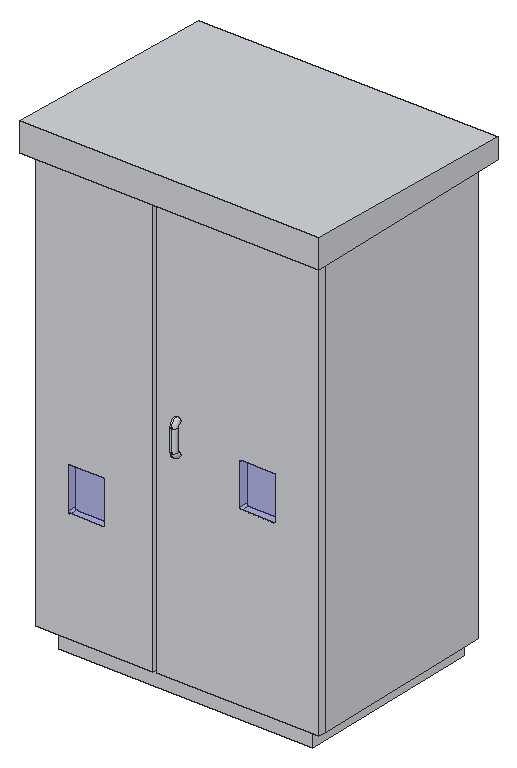
Revit family "スイッチボード", category 電気設備, Revit 2019
Family settings
  丸型コネクタ寸法 = 直径を使用
  パーツ タイプ = 配電盤
  作業面ベース = いいえ
  常に垂直 = はい
  ロード時にボイドで切り取り = いいえ
  共有 = いいえ
  部屋計算ポイント = いいえ
Parameters (values of type "標準")
  幅 4 = 幅 / 8.2  # 180.488 mm
  幅 3 = 幅 / 4.94  # 299.595 mm
  幅 2 = 幅 / 5.92  # 250.0 mm
  幅 1 = 幅 / 14.8  # 100.0 mm
  幅 = 1480.0 mm
  Voltage = ""
  半径 1 = 10.0 mm
  主電圧 = 7200 V
  出力電圧 = 210 V
  極数 = 3
  マテリアル 2 = ガラス
  マテリアル 1 = none
  MCB 定格 = 200 A
  負荷分類 = その他
  長さ = 1110.0 mm
  高さ 3 = 高さ / 10.9  # 220.642 mm
  高さ 2 = 高さ / 2.22  # 1083.333 mm
  高さ 1 = 高さ / 3.14  # 765.924 mm
  高さ = 2405.0 mm
  皮相負荷 = 150000 VA
Values of the unnamed type that differ from the named types
  MCB 定格 = 200 (stored number, unit not read)
Reference planes
  plane 1 "中心(正面/背面)": y = 0
  plane 2: z = 0
  plane 3 "中心(左/右)": x = 0
  plane 4: x = -740
  plane 5: x = 740
  plane 6: x = -700
  plane 7: x = 700
  plane 8: z = 2405
  plane 9: x = -100
  plane 10: z = 2350
  plane 11: z = 100
  plane 12: z = 765.924
  plane 13: z = 1083.333
  plane 14: x = 400.405
  plane 15: x = -450
  plane 16: x = -120
  plane 17: z = 1183.333
  plane 18: y = -1020
  plane 19: y = 0
  plane 20: y = -1110
  plane 21: y = -1060
  plane 22: z = 2310
  plane 23: z = 2210
  plane 24: z = 2190
  plane 25: x = -630
  plane 26: x = 630
  plane 27: y = -1010
  plane 28: y = -945
  plane 29: y = -125
  plane 30: y = -835
  plane 31: y = -235
  plane 32: x = 600
  plane 33: x = -200
  plane 34: x = -450
  plane 35: x = -340
  plane 36: y = -890
  plane 37: y = -90
  plane 38: z = 190
  plane 39: y = -70
  plane 40: x = -620
  plane 41: y = -80
  plane 42: x = 620
  plane 43: y = -1000
Forms (mm)
  Extrusion 1, solid, material <- "マテリアル 1"
    sketch origin (0, 0, 0) x (1, 0, 0) y (0, 0, 1)
      loop
        line (-700, 2210) -> (-700, 100) -> (700, 100) -> (700, 2210) -> (-700, 2210)
    from 70 to 1020
  Extrusion 2, solid, material <- "マテリアル 1"
    sketch origin (0, 0, 0) x (0, 1, 0) y (0, 0, 1)
      loop
        line (-1110, 2210) -> (0, 2210) -> (0, 2310) -> (-1110, 2350) -> (-1110, 2210)
    from -740 to 740
  Extrusion 3, solid, material <- "マテリアル 1", detail levels medium+fine
    sketch origin (0, 0, 0) x (1, 0, 0) y (0, 0, 1)
      loop
        line (-100, 2190) -> (-100, 100) -> (700, 100) -> (700, 2190) -> (-100, 2190)
    from 1020 to 1060
  Extrusion 4, solid, material <- "マテリアル 1", detail levels medium+fine
    sketch origin (0, 0, 0) x (1, 0, 0) y (0, 0, 1)
      loop
        line (-700, 2190) -> (-700, 100) -> (-120, 100) -> (-120, 2190) -> (-700, 2190)
    from 1020 to 1060
  Extrusion 5, solid, material "ガラス" <- "マテリアル 2", detail levels medium+fine
    sketch origin (0, 0, 0) x (1, 0, 0) y (0, 0, 1)
      loop
        line (310.161, 1183.654) -> (310.161, 983.012)
        arc (310.161, 983.012) -> (313.09, 975.941) -> (320.161, 973.012) r 10
        line (320.161, 973.012) -> (480.649, 973.012)
        arc (480.649, 973.012) -> (487.72, 975.941) -> (490.649, 983.012) r 10
        line (490.649, 983.012) -> (490.649, 1183.654)
        arc (490.649, 1183.654) -> (487.72, 1190.726) -> (480.649, 1193.654) r 10
        line (480.649, 1193.654) -> (320.161, 1193.654)
        arc (320.161, 1193.654) -> (313.09, 1190.726) -> (310.161, 1183.654) r 10
    from 1020 to 1060
  Extrusion 6, solid, material "ガラス" <- "マテリアル 2", detail levels medium+fine
    sketch origin (0, 0, 0) x (1, 0, 0) y (0, 0, 1)
      loop
        line (-540.244, 866.245) -> (-540.244, 665.602)
        arc (-540.244, 665.602) -> (-537.315, 658.531) -> (-530.244, 655.602) r 10
        line (-530.244, 655.602) -> (-369.756, 655.602)
        arc (-369.756, 655.602) -> (-362.685, 658.531) -> (-359.756, 665.602) r 10
        line (-359.756, 665.602) -> (-359.756, 866.245)
        arc (-359.756, 866.245) -> (-362.685, 873.316) -> (-369.756, 876.245) r 10
        line (-369.756, 876.245) -> (-530.244, 876.245)
        arc (-530.244, 876.245) -> (-537.315, 873.316) -> (-540.244, 866.245) r 10
    from 1020 to 1060
  Sweep 7, solid, material <- "マテリアル 1", detail levels medium+fine
    path in 3D
      loop
        line (0, -1020, 1258.333) -> (0, -1060, 1258.333)
        arc (0, -1060, 1258.333) -> (0, -1074.142, 1252.475) -> (0, -1080, 1238.333) r 20
        line (0, -1080, 1238.333) -> (0, -1080, 1128.333)
        arc (0, -1080, 1128.333) -> (0, -1074.142, 1114.191) -> (0, -1060, 1108.333) r 20
        line (0, -1060, 1108.333) -> (0, -1020, 1108.333)
    profile origin (0, -1040, 1258.333) x (0, 0, -1) y (1, 0, 0)
      loop
        circle (0, 0) r 15
  Extrusion 8, void
    sketch origin (0, 0, 0) x (1, 0, 0) y (0, 0, 1)
      loop
        line (310.161, 1183.654) -> (310.161, 983.012)
        arc (310.161, 983.012) -> (313.09, 975.941) -> (320.161, 973.012) r 10
        line (320.161, 973.012) -> (480.649, 973.012)
        arc (480.649, 973.012) -> (487.72, 975.941) -> (490.649, 983.012) r 10
        line (490.649, 983.012) -> (490.649, 1183.654)
        arc (490.649, 1183.654) -> (487.72, 1190.726) -> (480.649, 1193.654) r 10
        line (480.649, 1193.654) -> (320.161, 1193.654)
        arc (320.161, 1193.654) -> (313.09, 1190.726) -> (310.161, 1183.654) r 10
    from 1020 to 1060
  Extrusion 9, void
    sketch origin (0, 0, 0) x (1, 0, 0) y (0, 0, 1)
      loop
        arc (-530.244, 876.245) -> (-537.315, 873.316) -> (-540.244, 866.245) r 10
        line (-540.244, 866.245) -> (-540.244, 665.602)
        arc (-540.244, 665.602) -> (-537.315, 658.531) -> (-530.244, 655.602) r 10
        line (-530.244, 655.602) -> (-369.756, 655.602)
        arc (-369.756, 655.602) -> (-362.685, 658.531) -> (-359.756, 665.602) r 10
        line (-359.756, 665.602) -> (-359.756, 866.245)
        arc (-359.756, 866.245) -> (-362.685, 873.316) -> (-369.756, 876.245) r 10
        line (-369.756, 876.245) -> (-530.244, 876.245)
    from 1020 to 1060
  Extrusion 10, solid, material <- "マテリアル 1", detail levels coarse
    sketch origin (0, 0, 0) x (1, 0, 0) y (0, 0, 1)
      loop
        line (-700, 2190) -> (-700, 100) -> (-120, 100) -> (-120, 2190) -> (-700, 2190)
    from 1020 to 1060
  Extrusion 11, solid, material <- "マテリアル 1", detail levels coarse
    sketch origin (0, 0, 0) x (1, 0, 0) y (0, 0, 1)
      loop
        line (-100, 2190) -> (-100, 100) -> (700, 100) -> (700, 2190) -> (-100, 2190)
    from 1020 to 1060
  Extrusion 12, solid, material <- "マテリアル 1"
    sketch origin (0, 0, 0) x (0, 1, 0) y (0, 0, 1)
      loop
        line (-945, 100) -> (-835, 100) -> (-835, 190) -> (-945, 190) -> (-945, 100)
    from 0 to 600
  Extrusion 13, solid, material <- "マテリアル 1"
    sketch origin (0, 0, 0) x (0, 1, 0) y (0, 0, 1)
      loop
        line (-235, 100) -> (-125, 100) -> (-125, 190) -> (-235, 190) -> (-235, 100)
    from -450 to -340
  Sweep 14, solid, material <- "マテリアル 1", detail levels coarse
    path in 3D
      loop
        line (0, -1020, 1258.333) -> (0, -1060, 1258.333)
        arc (0, -1060, 1258.333) -> (0, -1074.142, 1252.475) -> (0, -1080, 1238.333) r 20
        line (0, -1080, 1238.333) -> (0, -1080, 1128.333)
        arc (0, -1080, 1128.333) -> (0, -1074.142, 1114.191) -> (0, -1060, 1108.333) r 20
        line (0, -1060, 1108.333) -> (0, -1020, 1108.333)
    profile origin (0, -1040, 1258.333) x (0, 0, -1) y (1, 0, 0)
      loop
        circle (0, 0) r 15
  Extrusion 15, solid, material <- "マテリアル 1"
    sketch origin (0, 0, 0) x (0, 1, 0) y (0, 0, 1)
      loop
        line (-90, 2190) -> (-890, 2190) -> (-890, 100) -> (-90, 100) -> (-90, 2190)
    from -740 to -700
  Extrusion 16, solid, material <- "マテリアル 1"
    sketch origin (0, 0, 0) x (1, 0, 0) y (0, 1, 0)
      loop
        line (-630, -70) -> (-630, -1010) -> (630, -1010) -> (630, -70) -> (-630, -70)
      loop
        line (-620, -80) -> (-620, -1000) -> (620, -1000) -> (620, -80) -> (-620, -80)
    from 0 to 100
Cuts and joins
  Extrusion 8 cuts Extrusion 3
  Extrusion 9 cuts Extrusion 4
  joined: Extrusion 3, Extrusion 4, Sweep 7
  joined: Extrusion 10, Extrusion 11, Sweep 14
  joined: Extrusion 12, Extrusion 13
  joined: Extrusion 5, Extrusion 6
Lines and regions (mm)
  reference lines
    curve 1: line (320.161, 0, 1193.654) -> (480.649, 0, 1193.654)
    curve 2: line (320.161, 0, 973.012) -> (480.649, 0, 973.012)
    curve 3: line (490.649, 0, 1183.654) -> (490.649, 0, 983.012)
    curve 4: line (310.161, 0, 1183.654) -> (310.161, 0, 983.012)
    curve 5: arc (310.161, 0, 1183.654) -> (313.09, 0, 1190.726) -> (320.161, 0, 1193.654) r 10
    curve 6: arc (480.649, 0, 1193.654) -> (487.72, 0, 1190.726) -> (490.649, 0, 1183.654) r 10
    curve 7: arc (490.649, 0, 983.012) -> (487.72, 0, 975.941) -> (480.649, 0, 973.012) r 10
    curve 8: arc (310.161, 0, 983.012) -> (313.09, 0, 975.941) -> (320.161, 0, 973.012) r 10
    curve 9: arc (-540.244, 0, 866.245) -> (-537.315, 0, 873.316) -> (-530.244, 0, 876.245) r 10
    curve 10: arc (-359.756, 0, 866.245) -> (-362.685, 0, 873.316) -> (-369.756, 0, 876.245) r 10
    curve 11: arc (-359.756, 0, 665.602) -> (-362.685, 0, 658.531) -> (-369.756, 0, 655.602) r 10
    curve 12: arc (-540.244, 0, 665.602) -> (-537.315, 0, 658.531) -> (-530.244, 0, 655.602) r 10
    curve 13: line (-530.244, 0, 876.245) -> (-369.756, 0, 876.245)
    curve 14: line (-540.244, 0, 665.602) -> (-540.244, 0, 866.245)
    curve 15: line (-369.756, 0, 655.602) -> (-530.244, 0, 655.602)
    curve 16: line (-359.756, 0, 866.245) -> (-359.756, 0, 665.602)
    curve 17: line (0, -1020, 1258.333) -> (0, -1060, 1258.333)
    curve 18: line (0, -1020, 1108.333) -> (0, -1060, 1108.333)
    curve 19: arc (0, -1060, 1258.333) -> (0, -1074.142, 1252.475) -> (0, -1080, 1238.333) r 20
    curve 20: arc (0, -1060, 1108.333) -> (0, -1074.142, 1114.191) -> (0, -1080, 1128.333) r 20
    curve 21: line (0, -1080, 1238.333) -> (0, -1080, 1128.333)
    curve 27: line (-300, -300, 0) -> (-300, 0, 0)
    curve 28: line (300, -300, 0) -> (300, 0, 0)
    curve 29: line (-300, -300, 0) -> (300, -300, 0)
  sketch lines
    curve 22: line (0, -1020, 1258.333) -> (0, -1060, 1258.333)
    curve 23: arc (0, -1060, 1258.333) -> (0, -1074.142, 1252.475) -> (0, -1080, 1238.333) r 20
    curve 24: line (0, -1080, 1238.333) -> (0, -1080, 1128.333)
    curve 25: arc (0, -1060, 1108.333) -> (0, -1074.142, 1114.191) -> (0, -1080, 1128.333) r 20
    curve 26: line (0, -1020, 1108.333) -> (0, -1060, 1108.333)
    curve 36: line (0, -1020, 1258.333) -> (0, -1060, 1258.333)
    curve 37: arc (0, -1060, 1258.333) -> (0, -1074.142, 1252.475) -> (0, -1080, 1238.333) r 20
    curve 38: line (0, -1080, 1238.333) -> (0, -1080, 1128.333)
    curve 39: arc (0, -1060, 1108.333) -> (0, -1074.142, 1114.191) -> (0, -1080, 1128.333) r 20
    curve 40: line (0, -1020, 1108.333) -> (0, -1060, 1108.333)
  symbolic lines
    curve 30: line (-300, 0, 0) -> (300, 0, 0)
    curve 31: line (-300, -300, 0) -> (-300, 0, 0)
    curve 32: line (300, -300, 0) -> (-300, -300, 0)
    curve 33: line (300, 0, 0) -> (300, -300, 0)
    curve 34: line (-300, 0, 0) -> (300, -300, 0)
    curve 35: line (300, 0, 0) -> (-300, -300, 0)
Dimensions and locks
  equal spacing: plane 5, plane 3 "中心(左/右)", plane 4
  "幅": plane 5 to plane 4
  locked: plane 6 to plane 4 at 40
  locked: plane 5 to plane 7 at 40
  "高さ": plane 8 to plane 2
  "幅 1": plane 3 "中心(左/右)" to plane 9
  locked: plane 8 to plane 10 at 55
  locked: plane 11 to plane 2 at 100
  "高さ 1": plane 12 to plane 2
  "高さ 2": plane 13 to plane 2
  "幅 2": plane 6 to plane 15
  "幅 3": plane 14 to plane 7
  locked: plane 9 to plane 16 at 20
  locked: plane 17 to plane 13 at 100
  equal spacing: curve 3, plane 14, curve 4
  "幅 4": curve 4 to curve 3
  equal spacing: curve 1, plane 13, curve 2
  "高さ 3": curve 1 to curve 2
  equal spacing: curve 13, plane 12, curve 15
  "高さ 3": curve 13 to curve 15
  equal spacing: curve 16, plane 15, curve 14
  "幅 4": curve 16 to curve 14
  "長さ": plane 20 to plane 19
  locked: plane 20 to plane 18 at 90
  locked: plane 20 to plane 21 at 50
  locked: plane 8 to plane 22 at 95
  locked: plane 22 to plane 23 at 100
  locked: plane 23 to plane 24 at 20
  locked: plane 6 to plane 25 at 70
  locked: plane 26 to plane 7 at 70
  equal spacing: curve 17, plane 17, curve 18
  locked: curve 17 to curve 18 at 150
  locked: curve 21 to plane 21 at 20
  locked: plane 18 to plane 27 at 10
  locked: plane 27 to plane 28 at 65
  locked: plane 28 to plane 30 at 110
  locked: plane 31 to plane 29 at 110
  locked: plane 32 to plane 7 at 100
  locked: plane 33 to plane 32 at 800
  locked: plane 34 to plane 35 at 110
  equal spacing: curve 27, plane 3 "中心(左/右)", curve 28
  locked: curve 27 to curve 28 at 600
  locked: curve 29 to plane 19 at 300
  locked: plane 36 to plane 18 at 130
  "幅 2": plane 6 to plane 34
  locked: plane 38 to plane 11 at 90
  locked: plane 39 to plane 19 at 70
  locked: plane 29 to plane 39 at 55
  locked: plane 41 to plane 39 at 10
  locked: plane 25 to plane 40 at 10
  locked: plane 42 to plane 26 at 10
  locked: plane 27 to plane 43 at 10
  locked: plane 39 to plane 37 at 20
  "半径 1": radius of curve 5
  "半径 1": radius of curve 6
  "半径 1": radius of curve 8
  "半径 1": radius of curve 7
  "半径 1": radius of curve 9
  "半径 1": radius of curve 10
  "半径 1": radius of curve 11
  "半径 1": radius of curve 12
  aligned and locked: level to plane 2
  aligned and locked: Extrusion 1 sketch curve to plane 23
  aligned and locked: Extrusion 1 sketch curve to plane 6
  aligned and locked: plane 11 to Extrusion 1 sketch curve
  aligned and locked: plane 7 to Extrusion 1 sketch curve
  aligned and locked: plane 18 to Extrusion 1
  aligned and locked: plane 10 to Extrusion 2 sketch curve
  aligned and locked: Extrusion 2 sketch curve to plane 20
  aligned and locked: Extrusion 2 sketch curve to plane 23
  aligned and locked: Extrusion 2 sketch curve to plane 19
  aligned and locked: plane 22 to Extrusion 2 sketch curve
  aligned and locked: plane 19 to Extrusion 2 sketch curve
  aligned and locked: plane 5 to Extrusion 2
  aligned and locked: Extrusion 2 to plane 4
  aligned and locked: Extrusion 3 sketch curve to plane 24
  aligned and locked: plane 9 to Extrusion 3 sketch curve
  aligned and locked: Extrusion 3 sketch curve to Extrusion 1  (x2)
  aligned and locked: Extrusion 4 sketch curve to plane 24
  aligned and locked: Extrusion 4 sketch curve to plane 6
  aligned and locked: plane 11 to Extrusion 4 sketch curve
  aligned and locked: Extrusion 4 sketch curve to plane 16
  aligned and locked: Extrusion 4 to plane 18
  aligned and locked: Extrusion 4 to plane 21
  aligned and locked: Extrusion 3 to plane 18
  aligned and locked: Extrusion 3 to plane 21
  aligned and locked: Extrusion 5 sketch curve to curve 5
  aligned and locked: Extrusion 5 sketch curve to curve 6
  aligned and locked: Extrusion 5 sketch curve to curve 7
  aligned and locked: Extrusion 5 sketch curve to curve 8
  aligned and locked: plane 21 to Extrusion 5
  aligned and locked: Extrusion 6 sketch curve to curve 9
  aligned and locked: Extrusion 6 sketch curve to curve 10
  aligned and locked: Extrusion 6 sketch curve to curve 11
  aligned and locked: Extrusion 6 sketch curve to curve 12
  aligned and locked: plane 21 to Extrusion 6
  aligned and locked: Extrusion 6 to plane 18
  aligned and locked: profile plane to Sweep 7 sketch curve  (x2)
  aligned and locked: Extrusion 8 sketch curve to curve 5
  aligned and locked: Extrusion 8 sketch curve to curve 6
  aligned and locked: Extrusion 8 sketch curve to curve 7
  aligned and locked: Extrusion 8 sketch curve to curve 8
  aligned and locked: plane 21 to Extrusion 8
  aligned and locked: Extrusion 8 to plane 18
  aligned and locked: Extrusion 9 sketch curve to curve 10
  aligned and locked: Extrusion 9 sketch curve to curve 9
  aligned and locked: Extrusion 9 sketch curve to curve 12
  aligned and locked: Extrusion 9 sketch curve to curve 11
  aligned and locked: plane 21 to Extrusion 9
  aligned and locked: Extrusion 9 to plane 18
  aligned and locked: Extrusion 10 sketch curve to cut or joined group of Extrusion 3, Extrusion 4, Sweep 7, Extrusion 8, Extrusion 9  (x4)
  aligned and locked: Extrusion 11 sketch curve to cut or joined group of Extrusion 3, Extrusion 4, Sweep 7, Extrusion 8, Extrusion 9  (x2)
  aligned and locked: plane 21 to Extrusion 11
  aligned and locked: Extrusion 11 to plane 18
  aligned and locked: Extrusion 10 to plane 21
  aligned and locked: Extrusion 10 to plane 18
  aligned and locked: Extrusion 12 sketch curve to plane 11
  aligned and locked: Extrusion 12 sketch curve to plane 28
  aligned and locked: plane 30 to Extrusion 12 sketch curve
  aligned and locked: Extrusion 13 sketch curve to plane 11
  aligned and locked: plane 31 to Extrusion 13 sketch curve
  aligned and locked: plane 29 to Extrusion 13 sketch curve
  aligned and locked: Extrusion 12 to plane 32
  aligned and locked: Extrusion 12 to plane 3 "中心(左/右)"
  aligned and locked: plane 35 to Extrusion 13
  aligned and locked: plane 34 to Extrusion 13
  aligned and locked: Extrusion 5 to plane 18
  aligned and locked: plane 19 to curve 28
  aligned and locked: plane 19 to curve 27
  aligned and locked: curve 31 to curve 27
  aligned and locked: curve 32 to curve 29
  aligned and locked: curve 33 to curve 28
  aligned and locked: profile plane to Sweep 14 sketch curve  (x2)
  aligned and locked: plane 24 to Extrusion 15 sketch curve
  aligned and locked: Extrusion 15 sketch curve to plane 37
  aligned and locked: plane 36 to Extrusion 15 sketch curve
  aligned and locked: Extrusion 15 to plane 4
  aligned and locked: Extrusion 15 to plane 6
  aligned and locked: Extrusion 16 to plane 2
  aligned and locked: plane 11 to Extrusion 16
  aligned and locked: plane 38 to Extrusion 13 sketch curve
  aligned and locked: Extrusion 13 to Extrusion 12
  aligned and locked: Extrusion 1 to plane 39
  aligned and locked: plane 39 to Extrusion 16 sketch curve
  aligned and locked: Extrusion 16 sketch curve to plane 40
  aligned and locked: plane 41 to Extrusion 16 sketch curve
  aligned and locked: plane 42 to Extrusion 16 sketch curve
  aligned and locked: Extrusion 16 sketch curve to plane 43
  aligned and locked: plane 1 "中心(正面/背面)" to plane 19
  aligned and locked: curve 32 to curve 35
  aligned and locked: curve 31 to curve 34
  aligned and locked: Extrusion 2 to curve 35
  aligned and locked: curve 28 to curve 34
  aligned and locked: curve 30 to Extrusion 2
Automatic sketch dimensions
  curve 17 to plane 21 = 0.0 mm
  curve 18 to plane 21 = 0.0 mm
  curve 17 to plane 18 = 0.0 mm
  curve 18 to plane 18 = 0.0 mm
  plane 7 to Extrusion 11 sketch curve = 0.0 mm
  Extrusion 11 sketch curve to plane 11 = 0.0 mm
  level to Extrusion 12 sketch curve = 190.0 mm
  Extrusion 15 sketch curve to plane 11 = 0.0 mm
  Extrusion 16 sketch curve to plane 25 = 0.0 mm
  Extrusion 16 sketch curve to plane 26 = 0.0 mm
  plane 27 to Extrusion 16 sketch curve = 0.0 mm
  radius of Sweep 7 sketch curve = 15.0 mm
  radius of Sweep 14 sketch curve = 15.0 mm
Connectors
  electrical at (0, -545, 100), driven by "極数", driven by "負荷分類", driven by "出力電圧", driven by "皮相負荷"
    settings: on Extrusion 1, index 1, voltage 210 V, apparent load 0 VA, apparent load phase1 150000 VA, apparent load phase2 0 VA, apparent load phase3 0 VA, power factor 1, load classification "その他", number of poles 3, system type 31, power factor state 1, is connector primary yes, connector utility no, sub classification motor no, connector description ""
  cabletrayconduit at (-395, -180, 100), diameter 600
    settings: on cut or joined group of Extrusion 12, Extrusion 13, index 2, connector width 300.0 mm, connector height 300.0 mm, connector angle 0.00°, system type 32, placement type 1, profile type 0, connector reference index -1, is primary connector yes, connector utility param no, connector description ""
  cabletrayconduit at (300, -890, 100), diameter 600
    settings: on cut or joined group of Extrusion 12, Extrusion 13, index 3, connector width 300.0 mm, connector height 300.0 mm, connector angle 0.00°, system type 32, placement type 1, profile type 0, connector reference index -1, is primary connector no, connector utility param no, connector description ""
